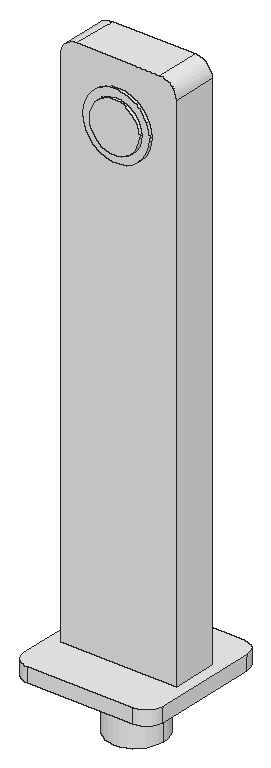
Revit family "Outlet-Basin-Dorf Epic-Wall2", category Plumbing Fixtures, host Face, Revit 2012
Parameters (values of type "Epic Wall Basin Outlet 180mm")
  Waste Connection = no
  WELSRating_ANZRS = "WELS 5 star rated, 6L/min"
  Vent Connection = no
  URL = "http://www.dorf.com.au/"
  Type Comments = "Epic Wall Basin Outlet 180mm"
  Spout = if(Large, 240 mm, 180 mm)  # 180 mm
  Model = "6418.045A"
  Material_ANZRS = Metal-Chrome-Caroma
  Manufacturer = "Dorf"  # constant formula
  Large = no
  HWFU = 2
  HW Connection = yes
  Description = "Fully featured cartridge, Chrome finish, Water efficient, Longer reach for sink versatility, European hoses"  # constant formula
  Default Elevation = 1000 mm
  CreatedBy_ANZRS = "Design Content"  # constant formula
  CreatedByURL_ANZRS = "www.designcontent.com.au"
  Cost = 0
  Connector Radius = 10 mm  # constant formula
  CWFU = 2
  CW Connection = yes
  Assembly Code = "D2020300"
Types (3, lengths in mm): name | Type Comments | Spout | Model | Large | Default Elevation
  (no name) | "Epic Wall Basin Outlet 180mm" | 180 | "6418.045A" | no | 1000
  Epic Wall Basin Outlet 180mm | "Epic Wall Basin Outlet 180mm" | 180 | "6418.045A" | no | 1000
  Epic Wall Basin Outlet 240mm | "Epic Wall Basin Outlet 240mm" | 240 | "6396.045A" | yes | 1200
Reference planes
  plane 1 "Center (Front/Back)": y = 0
  plane 2: z = 0
  plane 3 "Center (Left/Right)": x = 0
  plane 4: z = 180
  plane 5: z = 201.234
  plane 6: z = 192
  plane 7: z = 168
  plane 8: z = 170.827
  plane 9: z = 171.008
  plane 10: z = 189.173
  plane 11: z = 188.992
Forms (mm)
  Extrusion 1, solid, material "Metal-Chrome-Caroma" <- "Material_ANZRS", detail levels fine
    sketch origin (65, 0, -4.906) x (1, 0, 0) y (0, 1, 0)
      loop
        arc (-84, 24.835) -> (-88.243, 23.078) -> (-90, 18.835) r 6
        line (-90, 18.835) -> (-90, -19.165)
        arc (-90, -19.165) -> (-88.243, -23.408) -> (-84, -25.165) r 6
        line (-84, -25.165) -> (-46, -25.165)
        arc (-46, -25.165) -> (-41.757, -23.408) -> (-40, -19.165) r 6
        line (-40, -19.165) -> (-40, 18.835)
        arc (-40, 18.835) -> (-41.757, 23.078) -> (-46, 24.835) r 6
        line (-46, 24.835) -> (-84, 24.835)
    from 4.906 to 10.106
  Extrusion 2, solid, material "Metal-Chrome-Caroma" <- "Material_ANZRS", detail levels fine
    sketch origin (0, -125.5, 59.2) x (1, 0, 0) y (0, 0, -1)
      loop
        line (-21, 54) -> (-21, -136)
        arc (-21, -136) -> (-19.243, -140.243) -> (-15, -142) r 6
        line (-15, -142) -> (15, -142)
        arc (15, -142) -> (19.243, -140.243) -> (21, -136) r 6
        line (21, -136) -> (21, 54) -> (-21, 54)
    from 117.5 to 133.5
  Extrusion 3, solid, material "Metal-Chrome-Caroma" <- "Material_ANZRS", detail levels fine
    sketch origin (0, -125.5, 55.261) x (1, 0, 0) y (0, 0, -1)
      loop
        circle (0, -124.739) r 12
    from 116.5 to 118.5
  Blend 4, solid, material "Metal-Chrome-Caroma" <- "Material_ANZRS", detail levels fine
    base sketch origin (0, -125.5, 55.261) x (1, 0, 0) y (0, 0, -1)
      loop
        circle (0, -124.739) r 9.4
    top sketch origin (0, -125.5, 55.261) x (1, 0, 0) y (0, 0, -1)
      loop
        circle (0, -124.739) r 8.992
    from 117.5 to 115.698
  Extrusion 5, solid, material "Metal-Chrome-Caroma" <- "Material_ANZRS"
    sketch origin (0, 0, 0) x (1, 0, 0) y (0, 1, 0)
      loop
        circle (0, 0) r 10
    from -20 to 0
Cuts and joins
  joined: Extrusion 2, Extrusion 3, Blend 4
Lines and regions (mm)
  Masking region 1
    outline origin (0, -946.28, 1362.605) x (0, 1, 0) y (0, 0, 1)
      loop
        line (921.115, -1362.605) -> (971.115, -1362.605) -> (971.115, -1357.905)
        arc (971.115, -1357.905) -> (970.968, -1357.551) -> (970.615, -1357.405) r 0.5
        line (970.615, -1357.405) -> (954.28, -1357.405) -> (954.28, -1161.871)
        arc (954.28, -1161.871) -> (954.133, -1161.518) -> (953.78, -1161.371) r 0.5
        line (953.78, -1161.371) -> (938.78, -1161.371)
        arc (938.78, -1161.371) -> (938.426, -1161.518) -> (938.28, -1161.871) r 0.5
        line (938.28, -1161.871) -> (938.28, -1170.605) -> (937.28, -1170.605) -> (937.28, -1173.431) -> (936.477, -1173.613) -> (936.477, -1191.597) -> (937.28, -1191.778) -> (937.28, -1194.605) -> (938.28, -1194.605) -> (938.28, -1357.405) -> (921.615, -1357.405)
        arc (921.615, -1357.405) -> (921.261, -1357.551) -> (921.115, -1357.905) r 0.5
        line (921.115, -1357.905) -> (921.115, -1362.605)
  Masking region 2
    outline origin (-836.117, 213.861, 0) x (1, 0, 0) y (0, 1, 0)
      loop
        line (817.117, -239.026) -> (855.117, -239.026)
        arc (855.117, -239.026) -> (859.36, -237.269) -> (861.117, -233.026) r 6
        line (861.117, -233.026) -> (861.117, -195.026)
        arc (861.117, -195.026) -> (859.36, -190.783) -> (855.117, -189.026) r 6
        line (855.117, -189.026) -> (817.117, -189.026)
        arc (817.117, -189.026) -> (812.874, -190.783) -> (811.117, -195.026) r 6
        line (811.117, -195.026) -> (811.117, -233.026)
        arc (811.117, -233.026) -> (812.874, -237.269) -> (817.117, -239.026) r 6
  Masking region 3
    outline origin (74.844, 0, 268.026) x (1, 0, 0) y (0, 0, 1)
      loop
        line (-99.844, -268.026) -> (-49.844, -268.026) -> (-49.844, -263.326)
        arc (-49.844, -263.326) -> (-49.991, -262.972) -> (-50.344, -262.826) r 0.5
        line (-50.344, -262.826) -> (-53.844, -262.826) -> (-53.844, -72.792)
        arc (-53.844, -72.792) -> (-55.602, -68.549) -> (-59.844, -66.792) r 6
        line (-59.844, -66.792) -> (-89.844, -66.792)
        arc (-89.844, -66.792) -> (-94.087, -68.549) -> (-95.844, -72.792) r 6
        line (-95.844, -72.792) -> (-95.844, -262.826) -> (-99.344, -262.826)
        arc (-99.344, -262.826) -> (-99.698, -262.972) -> (-99.844, -263.326) r 0.5
        line (-99.844, -263.326) -> (-99.844, -268.026)
  symbolic lines
    curve 1: line (0, 21, 5.2) -> (0, -21, 5.2)
    curve 2: line (-21, 0, 5.2) -> (21, 0, 5.2)
    curve 3: line (0, -8, 192.247) -> (0, -8, 168)
    curve 4: line (0, -9, 189.414) -> (0, -9, 170.603)
    curve 5: line (0, 8, 64.5) -> (0, 8, 5.2)
    curve 6: line (0, -8, 64.5) -> (0, -8, 5.2)
    curve 7: line (-21, 8, 0) -> (21, 8, 0)
    curve 8: line (-21, -8, 0) -> (-21, 8, 0)
    curve 9: line (21, -8, 0) -> (-21, -8, 0)
    curve 10: line (21, 8, 0) -> (21, -8, 0)
    curve 11: line (-12.047, -8, 0) -> (-12.047, -9, 0)
    curve 12: line (12.047, -9, 0) -> (12.047, -8, 0)
    curve 13: line (12.047, -9, 0) -> (-12.047, -9, 0)
    curve 14: line (-9.172, -9, 0) -> (-8.992, -9.802, 0)
    curve 15: line (-8.992, -9.802, 0) -> (8.992, -9.802, 0)
    curve 16: line (8.992, -9.802, 0) -> (9.177, -9, 0)
Dimensions and locks
  "Spout": plane 4 to level
  equal spacing: plane 6, plane 4, plane 7
  equal spacing: plane 11, plane 4, plane 9
  equal spacing: plane 10, plane 4, plane 8
  locked: plane 4 to plane 5 at 21.234
  locked: plane 6 to plane 7 at 24
  locked: plane 10 to plane 8 at 18.347
  locked: plane 11 to plane 9 at 17.983
  aligned and locked: plane 2 to host face
  aligned and locked: level to host face
  aligned and locked: Masking region 1 to plane 6
  aligned and locked: Masking region 1 sketch curve to plane 11
  aligned and locked: Masking region 1 sketch curve to plane 10
  aligned and locked: plane 9 to Masking region 1 sketch curve
  aligned and locked: plane 8 to Masking region 1 sketch curve
  aligned and locked: Masking region 1 sketch curve to plane 5
  aligned and locked: plane 6 to Masking region 1 sketch curve
  aligned and locked: Masking region 1 sketch curve to plane 7
  aligned and locked: Masking region 3 sketch curve to plane 5
Automatic sketch dimensions
  plane 1 "Center (Front/Back)" to curve 9 = 8 mm
  curve 9 to plane 3 "Center (Left/Right)" = 21 mm
  curve 8 to curve 11 = 8.953 mm
  curve 11 to curve 14 = 2.875 mm
  curve 14 to curve 15 = 0.18 mm
  plane 3 "Center (Left/Right)" to curve 16 = 8.992 mm
  curve 15 to curve 16 = 0.185 mm
  curve 16 to curve 12 = 2.87 mm
  curve 12 to curve 9 = 8.953 mm
  curve 11 to curve 11 = 1 mm
  curve 14 to curve 14 = 0.802 mm
  curve 10 to plane 1 "Center (Front/Back)" = 8 mm
  curve 3 to plane 7 = 0 mm
  level to curve 1 = 5.2 mm
  plane 1 "Center (Front/Back)" to curve 1 = 21 mm
  curve 4 to plane 10 = 0.24 mm
  plane 1 "Center (Front/Back)" to curve 4 = 9 mm
  curve 4 to curve 3 = 1 mm
  plane 1 "Center (Front/Back)" to curve 6 = 8 mm
  curve 5 to plane 1 "Center (Front/Back)" = 8 mm
  curve 5 to curve 1 = 13 mm
  curve 5 to curve 5 = 59.3 mm
  curve 6 to curve 5 = 0 mm
  curve 4 to plane 8 = 0.224 mm
  plane 6 to curve 3 = 0.247 mm
  host sketch curve to host sketch curve = 400 mm
  host sketch curve to host sketch curve = 200 mm
  Masking region 1 sketch curve to level = 0 mm
  plane 1 "Center (Front/Back)" to Masking region 1 sketch curve = 25.165 mm
  Masking region 1 sketch curve to Masking region 1 sketch curve = 0.5 mm  (x2)
  plane 1 "Center (Front/Back)" to Masking region 1 sketch curve = 9.802 mm
  Masking region 1 sketch curve to Masking region 1 sketch curve = 0.802 mm  (x2)
  Masking region 1 sketch curve to Masking region 1 sketch curve = 1 mm
  plane 5 to Masking region 1 sketch curve = 0.5 mm  (x2)
  plane 1 "Center (Front/Back)" to Masking region 1 sketch curve = 8 mm
  Masking region 1 sketch curve to plane 1 "Center (Front/Back)" = 7.5 mm
  level to Masking region 1 sketch curve = 5.2 mm
  Masking region 1 sketch curve to Masking region 1 sketch curve = 16.335 mm
  level to Masking region 1 sketch curve = 4.7 mm
  Masking region 2 sketch curve to plane 3 "Center (Left/Right)" = 25 mm
  Masking region 2 sketch curve to Masking region 2 sketch curve = 6 mm  (x3)
  plane 3 "Center (Left/Right)" to Masking region 2 sketch curve = 19 mm  (x2)
  plane 1 "Center (Front/Back)" to Masking region 2 sketch curve = 25.165 mm
  Masking region 2 sketch curve to plane 1 "Center (Front/Back)" = 18.835 mm
  Masking region 3 sketch curve to level = 0 mm
  level to Masking region 3 sketch curve = 4.7 mm  (x2)
  Masking region 3 sketch curve to plane 3 "Center (Left/Right)" = 25 mm
  Masking region 3 sketch curve to Masking region 3 sketch curve = 0.5 mm  (x2)
  plane 6 to Masking region 3 sketch curve = 3.234 mm  (x2)
  Masking region 3 sketch curve to Masking region 3 sketch curve = 30 mm
  Extrusion 1 sketch curve to plane 3 "Center (Left/Right)" = 25 mm
  Extrusion 1 sketch curve to Extrusion 1 sketch curve = 6 mm  (x3)
  plane 3 "Center (Left/Right)" to Extrusion 1 sketch curve = 19 mm  (x2)
  plane 1 "Center (Front/Back)" to Extrusion 1 sketch curve = 25.165 mm
  Extrusion 1 sketch curve to plane 1 "Center (Front/Back)" = 18.835 mm
  level to Extrusion 2 sketch curve = 5.2 mm
  Extrusion 2 sketch curve to plane 3 "Center (Left/Right)" = 21 mm
  plane 6 to Extrusion 2 sketch curve = 3.2 mm
  Extrusion 2 sketch curve to Extrusion 2 sketch curve = 6 mm
  plane 3 "Center (Left/Right)" to Extrusion 2 sketch curve = 15 mm
  plane 3 "Center (Left/Right)" to Extrusion 2 sketch curve = 21 mm
  Extrusion 3 sketch curve to plane 3 "Center (Left/Right)" = 0 mm
  Extrusion 3 sketch curve to plane 4 = 0 mm
  Blend 4 sketch curve to plane 3 "Center (Left/Right)" = 0 mm  (x2)
  Blend 4 sketch curve to plane 4 = 0 mm  (x2)
  Masking region 3 sketch curve to Masking region 3 sketch curve = 3.5 mm
  plane 3 "Center (Left/Right)" to Masking region 3 sketch curve = 21 mm
  level to curve 2 = 5.2 mm
  curve 2 to plane 3 "Center (Left/Right)" = 21 mm
  plane 3 "Center (Left/Right)" to curve 2 = 21 mm
  plane 1 "Center (Front/Back)" to Extrusion 5 sketch curve = 0 mm
  Extrusion 5 sketch curve to plane 3 "Center (Left/Right)" = 0 mm
  radius of Extrusion 3 sketch curve = 12 mm
  radius of Blend 4 sketch curve = 9.4 mm
  radius of Blend 4 sketch curve = 8.992 mm
  radius of Extrusion 5 sketch curve = 10 mm
Connectors
  piping at (0, 0, -20), driven by "Connector Radius", driven by "HWFU"
    settings: on Extrusion 5, index 2, connector radius 0.3937", flow factor 0, pipe flow 0 GPM, pressure drop 0.00 psi, fitting loss kfactor 0, connector angle 0.00°, fixture units 2, engagement length 0 mm, flow configuration 3, flow direction 1, fitting loss method 1, system type 19, joint type 0, gender type 0, connector reference index -1, connector utility 0, adjustable connector no, is connector primary yes, fitting loss table "Inward Projecting Pipe", connector description ""
